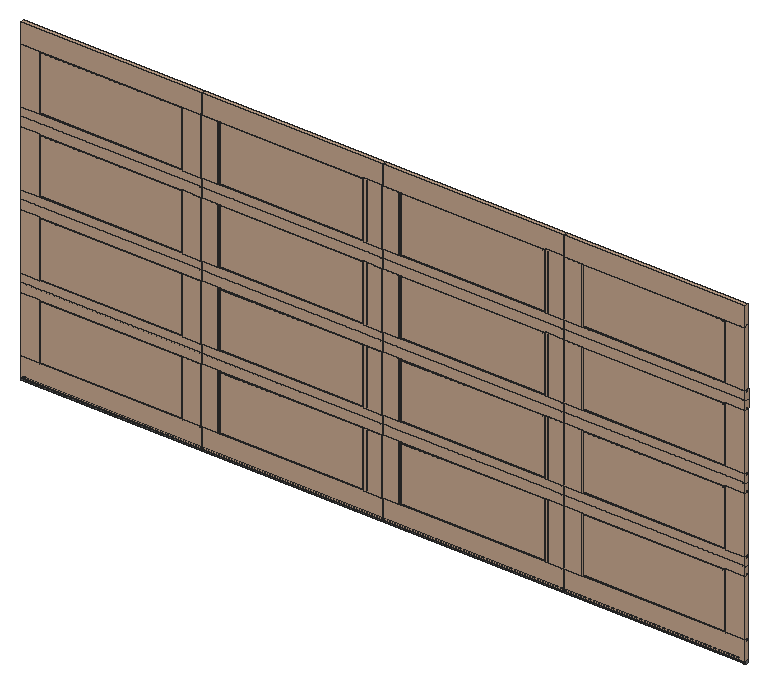
Revit family "GDBL 4V ARCBRN2", category Doors, host Wall, Revit 2024 (continued)
Forms (mm)
  Extrusion 93, solid, material "C88 BOARD"
    sketch origin (-4447.218, -109, -739.048) x (1, 0, 0) y (0, 0, 1)
      loop
        line (4307.396, 2352.631) -> (4392.218, 2352.631) -> (4392.218, 2408.465) -> (4307.396, 2408.465)
      loop
        circle (4182.376, 2380.548) r 4.143
      loop
        circle (4035.037, 2380.548) r 4
      loop
        circle (4329.716, 2380.548) r 4
    from 0 to 6
  Extrusion 94, void
    sketch origin (-4439.246, -109, -818.884) x (0, 1, 0) y (0, 0, 1)
      loop
        line (0, 2471.8) -> (0, 2474.8) -> (-1.5, 2473.3) -> (0, 2471.8)
      loop
        line (0, 2448.967) -> (-1.5, 2447.467) -> (0, 2445.967) -> (0, 2448.967)
    from 4354.246 to 4384.246
  Extrusion 95, void
    sketch origin (-6042.077, -109, 1191.961) x (1, 0, 0) y (0, 1, 0)
      loop
        line (5957.077, -1.5) -> (5957.077, 0) -> (5956.211, 0) -> (5957.077, -1.5)
    from 421.622 to 477.455
  Extrusion 96, solid, material "STEEL POWEDERCOATED"
    sketch origin (-6067.419, -104, 1285.623) x (1, 0, 0) y (0, 0, 1)
      loop
        line (5956.417, 359.63) -> (5949.917, 363.383) -> (5943.417, 359.63) -> (5943.417, 352.124) -> (5949.917, 348.372) -> (5956.417, 352.124) -> (5956.417, 359.63)
    from 0 to 5
  Extrusion 97, solid, material "STEEL POWEDERCOATED"
    sketch origin (-6214.872, -104, 1285.623) x (1, 0, 0) y (0, 0, 1)
      loop
        line (5956.417, 359.63) -> (5949.917, 363.383) -> (5943.417, 359.63) -> (5943.417, 352.124) -> (5949.917, 348.372) -> (5956.417, 352.124) -> (5956.417, 359.63)
    from 0 to 5
  Extrusion 98, solid, material "STEEL POWEDERCOATED"
    sketch origin (-6362.098, -104, 1285.623) x (1, 0, 0) y (0, 0, 1)
      loop
        line (5956.417, 359.63) -> (5949.917, 363.383) -> (5943.417, 359.63) -> (5943.417, 352.124) -> (5949.917, 348.372) -> (5956.417, 352.124) -> (5956.417, 359.63)
    from 0 to 5
  Extrusion 99, void
    sketch origin (1229.5, -40, 20) x (1, 0, 0) y (0, 1, 0)
      loop
        line (1008.9, -80) -> (1011.9, -77) -> (1005.9, -77) -> (1008.9, -80)
    from 1661 to 1695.584
  Extrusion 100, solid, material "VERSAWOOD (TEST 3 )"
    sketch origin (-2470, -40, 1035.5) x (1, 0, 0) y (0, 1, 0)
      loop
        line (115, -80) -> (115, -100) -> (138, -100) -> (138, -103) -> (1102, -103) -> (1102, -100) -> (1125, -100) -> (1125, -80) -> (1102, -80) -> (1102, -77) -> (138, -77) -> (138, -80) -> (115, -80)
      loop
        line (4825, -80) -> (4802, -80) -> (4802, -77) -> (3838, -77) -> (3838, -80) -> (3815, -80) -> (3815, -100) -> (3838, -100) -> (3838, -103) -> (4802, -103) -> (4802, -100) -> (4825, -100) -> (4825, -80)
      loop
        line (3595, -80) -> (3572, -80) -> (3572, -77) -> (2603, -77) -> (2603, -80) -> (2580, -80) -> (2580, -100) -> (2603, -100) -> (2603, -103) -> (3572, -103) -> (3572, -100) -> (3595, -100) -> (3595, -80)
      loop
        line (2360, -80) -> (2337, -80) -> (2337, -77) -> (1368, -77) -> (1368, -80) -> (1345, -80) -> (1345, -100) -> (1368, -100) -> (1368, -103) -> (2337, -103) -> (2337, -100) -> (2360, -100) -> (2360, -80)
    from 130.5 to 517
  Extrusion 101, solid, material "VERSAWOOD (TEST 2)"
    sketch origin (-2470, -40, 528) x (1, 0, 0) y (0, 1, 0)
      loop
        line (115, -80) -> (115, -100) -> (138, -100) -> (138, -103) -> (1102, -103) -> (1102, -100) -> (1125, -100) -> (1125, -80) -> (1102, -80) -> (1102, -77) -> (138, -77) -> (138, -80) -> (115, -80)
      loop
        line (4825, -80) -> (4802, -80) -> (4802, -77) -> (3838, -77) -> (3838, -80) -> (3815, -80) -> (3815, -100) -> (3838, -100) -> (3838, -103) -> (4802, -103) -> (4802, -100) -> (4825, -100) -> (4825, -80)
      loop
        line (3595, -80) -> (3572, -80) -> (3572, -77) -> (2603, -77) -> (2603, -80) -> (2580, -80) -> (2580, -100) -> (2603, -100) -> (2603, -103) -> (3572, -103) -> (3572, -100) -> (3595, -100) -> (3595, -80)
      loop
        line (2360, -80) -> (2337, -80) -> (2337, -77) -> (1368, -77) -> (1368, -80) -> (1345, -80) -> (1345, -100) -> (1368, -100) -> (1368, -103) -> (2337, -103) -> (2337, -100) -> (2360, -100) -> (2360, -80)
    from 130.5 to 517
  Extrusion 102, solid, material "VERSAWOOD (TEST 3 )"
    sketch origin (-2470, -40, 20) x (1, 0, 0) y (0, 1, 0)
      loop
        line (115, -80) -> (115, -100) -> (138, -100) -> (138, -103) -> (1102, -103) -> (1102, -100) -> (1125, -100) -> (1125, -80) -> (1102, -80) -> (1102, -77) -> (138, -77) -> (138, -80) -> (115, -80)
      loop
        line (4825, -80) -> (4802, -80) -> (4802, -77) -> (3838, -77) -> (3838, -80) -> (3815, -80) -> (3815, -100) -> (3838, -100) -> (3838, -103) -> (4802, -103) -> (4802, -100) -> (4825, -100) -> (4825, -80)
      loop
        line (3595, -80) -> (3572, -80) -> (3572, -77) -> (2603, -77) -> (2603, -80) -> (2580, -80) -> (2580, -100) -> (2603, -100) -> (2603, -103) -> (3572, -103) -> (3572, -100) -> (3595, -100) -> (3595, -80)
      loop
        line (2360, -80) -> (2337, -80) -> (2337, -77) -> (1368, -77) -> (1368, -80) -> (1345, -80) -> (1345, -100) -> (1368, -100) -> (1368, -103) -> (2337, -103) -> (2337, -100) -> (2360, -100) -> (2360, -80)
    from 130.5 to 517
  Extrusion 103, void
    sketch origin (-2470, -40, -487.5) x (1, 0, 0) y (0, 1, 0)
      loop
        line (232.1, -80) -> (235.1, -77) -> (229.1, -77) -> (232.1, -80)
      loop
        line (329.2, -80) -> (332.2, -77) -> (326.2, -77) -> (329.2, -80)
      loop
        line (426.3, -80) -> (429.3, -77) -> (423.3, -77) -> (426.3, -80)
      loop
        line (523.4, -80) -> (526.4, -77) -> (520.4, -77) -> (523.4, -80)
      loop
        line (620.5, -80) -> (623.5, -77) -> (617.5, -77) -> (620.5, -80)
      loop
        line (717.6, -80) -> (720.6, -77) -> (714.6, -77) -> (717.6, -80)
      loop
        line (814.7, -80) -> (817.7, -77) -> (811.7, -77) -> (814.7, -80)
      loop
        line (911.8, -80) -> (914.8, -77) -> (908.8, -77) -> (911.8, -80)
      loop
        line (1008.9, -80) -> (1011.9, -77) -> (1005.9, -77) -> (1008.9, -80)
    from 1661 to 2032
  Extrusion 104, void
    sketch origin (-1238, -40, -487.5) x (1, 0, 0) y (0, 1, 0)
      loop
        line (232.1, -80) -> (235.1, -77) -> (229.1, -77) -> (232.1, -80)
      loop
        line (329.2, -80) -> (332.2, -77) -> (326.2, -77) -> (329.2, -80)
      loop
        line (426.3, -80) -> (429.3, -77) -> (423.3, -77) -> (426.3, -80)
      loop
        line (523.4, -80) -> (526.4, -77) -> (520.4, -77) -> (523.4, -80)
      loop
        line (620.5, -80) -> (623.5, -77) -> (617.5, -77) -> (620.5, -80)
      loop
        line (717.6, -80) -> (720.6, -77) -> (714.6, -77) -> (717.6, -80)
      loop
        line (814.7, -80) -> (817.7, -77) -> (811.7, -77) -> (814.7, -80)
      loop
        line (911.8, -80) -> (914.8, -77) -> (908.8, -77) -> (911.8, -80)
      loop
        line (1008.9, -80) -> (1011.9, -77) -> (1005.9, -77) -> (1008.9, -80)
    from 1661 to 2032
  Extrusion 105, void
    sketch origin (-3, -40, -487.5) x (1, 0, 0) y (0, 1, 0)
      loop
        line (232.1, -80) -> (235.1, -77) -> (229.1, -77) -> (232.1, -80)
      loop
        line (329.2, -80) -> (332.2, -77) -> (326.2, -77) -> (329.2, -80)
      loop
        line (426.3, -80) -> (429.3, -77) -> (423.3, -77) -> (426.3, -80)
      loop
        line (523.4, -80) -> (526.4, -77) -> (520.4, -77) -> (523.4, -80)
      loop
        line (620.5, -80) -> (623.5, -77) -> (617.5, -77) -> (620.5, -80)
      loop
        line (717.6, -80) -> (720.6, -77) -> (714.6, -77) -> (717.6, -80)
      loop
        line (814.7, -80) -> (817.7, -77) -> (811.7, -77) -> (814.7, -80)
      loop
        line (911.8, -80) -> (914.8, -77) -> (908.8, -77) -> (911.8, -80)
      loop
        line (1008.9, -80) -> (1011.9, -77) -> (1005.9, -77) -> (1008.9, -80)
    from 1661 to 2032
  Extrusion 106, void
    sketch origin (1229.5, -40, -487.5) x (1, 0, 0) y (0, 1, 0)
      loop
        line (232.1, -80) -> (235.1, -77) -> (229.1, -77) -> (232.1, -80)
      loop
        line (329.2, -80) -> (332.2, -77) -> (326.2, -77) -> (329.2, -80)
      loop
        line (426.3, -80) -> (429.3, -77) -> (423.3, -77) -> (426.3, -80)
      loop
        line (523.4, -80) -> (526.4, -77) -> (520.4, -77) -> (523.4, -80)
      loop
        line (620.5, -80) -> (623.5, -77) -> (617.5, -77) -> (620.5, -80)
      loop
        line (717.6, -80) -> (720.6, -77) -> (714.6, -77) -> (717.6, -80)
      loop
        line (814.7, -80) -> (817.7, -77) -> (811.7, -77) -> (814.7, -80)
      loop
        line (911.8, -80) -> (914.8, -77) -> (908.8, -77) -> (911.8, -80)
      loop
        line (1008.9, -80) -> (1011.9, -77) -> (1005.9, -77) -> (1008.9, -80)
    from 1661 to 2032
  Extrusion 107, void
    sketch origin (-2470, -40, -995) x (1, 0, 0) y (0, 1, 0)
      loop
        line (232.1, -80) -> (235.1, -77) -> (229.1, -77) -> (232.1, -80)
      loop
        line (329.2, -80) -> (332.2, -77) -> (326.2, -77) -> (329.2, -80)
      loop
        line (426.3, -80) -> (429.3, -77) -> (423.3, -77) -> (426.3, -80)
      loop
        line (523.4, -80) -> (526.4, -77) -> (520.4, -77) -> (523.4, -80)
      loop
        line (620.5, -80) -> (623.5, -77) -> (617.5, -77) -> (620.5, -80)
      loop
        line (717.6, -80) -> (720.6, -77) -> (714.6, -77) -> (717.6, -80)
      loop
        line (814.7, -80) -> (817.7, -77) -> (811.7, -77) -> (814.7, -80)
      loop
        line (911.8, -80) -> (914.8, -77) -> (908.8, -77) -> (911.8, -80)
      loop
        line (1008.9, -80) -> (1011.9, -77) -> (1005.9, -77) -> (1008.9, -80)
    from 1661 to 2032
  Extrusion 108, void
    sketch origin (-1238, -40, -995) x (1, 0, 0) y (0, 1, 0)
      loop
        line (232.1, -80) -> (235.1, -77) -> (229.1, -77) -> (232.1, -80)
      loop
        line (329.2, -80) -> (332.2, -77) -> (326.2, -77) -> (329.2, -80)
      loop
        line (426.3, -80) -> (429.3, -77) -> (423.3, -77) -> (426.3, -80)
      loop
        line (523.4, -80) -> (526.4, -77) -> (520.4, -77) -> (523.4, -80)
      loop
        line (620.5, -80) -> (623.5, -77) -> (617.5, -77) -> (620.5, -80)
      loop
        line (717.6, -80) -> (720.6, -77) -> (714.6, -77) -> (717.6, -80)
      loop
        line (814.7, -80) -> (817.7, -77) -> (811.7, -77) -> (814.7, -80)
      loop
        line (911.8, -80) -> (914.8, -77) -> (908.8, -77) -> (911.8, -80)
      loop
        line (1008.9, -80) -> (1011.9, -77) -> (1005.9, -77) -> (1008.9, -80)
    from 1661 to 2032
  Extrusion 109, void
    sketch origin (-3, -40, -995) x (1, 0, 0) y (0, 1, 0)
      loop
        line (232.1, -80) -> (235.1, -77) -> (229.1, -77) -> (232.1, -80)
      loop
        line (329.2, -80) -> (332.2, -77) -> (326.2, -77) -> (329.2, -80)
      loop
        line (426.3, -80) -> (429.3, -77) -> (423.3, -77) -> (426.3, -80)
      loop
        line (523.4, -80) -> (526.4, -77) -> (520.4, -77) -> (523.4, -80)
      loop
        line (620.5, -80) -> (623.5, -77) -> (617.5, -77) -> (620.5, -80)
      loop
        line (717.6, -80) -> (720.6, -77) -> (714.6, -77) -> (717.6, -80)
      loop
        line (814.7, -80) -> (817.7, -77) -> (811.7, -77) -> (814.7, -80)
      loop
        line (911.8, -80) -> (914.8, -77) -> (908.8, -77) -> (911.8, -80)
      loop
        line (1008.9, -80) -> (1011.9, -77) -> (1005.9, -77) -> (1008.9, -80)
    from 1661 to 2032
  Extrusion 110, void
    sketch origin (1229.5, -40, -995) x (1, 0, 0) y (0, 1, 0)
      loop
        line (232.1, -80) -> (235.1, -77) -> (229.1, -77) -> (232.1, -80)
      loop
        line (329.2, -80) -> (332.2, -77) -> (326.2, -77) -> (329.2, -80)
      loop
        line (426.3, -80) -> (429.3, -77) -> (423.3, -77) -> (426.3, -80)
      loop
        line (523.4, -80) -> (526.4, -77) -> (520.4, -77) -> (523.4, -80)
      loop
        line (620.5, -80) -> (623.5, -77) -> (617.5, -77) -> (620.5, -80)
      loop
        line (717.6, -80) -> (720.6, -77) -> (714.6, -77) -> (717.6, -80)
      loop
        line (814.7, -80) -> (817.7, -77) -> (811.7, -77) -> (814.7, -80)
      loop
        line (911.8, -80) -> (914.8, -77) -> (908.8, -77) -> (911.8, -80)
      loop
        line (1008.9, -80) -> (1011.9, -77) -> (1005.9, -77) -> (1008.9, -80)
    from 1661 to 2032
  Extrusion 111, void
    sketch origin (-2470, -40, -1503) x (1, 0, 0) y (0, 1, 0)
      loop
        line (232.1, -80) -> (235.1, -77) -> (229.1, -77) -> (232.1, -80)
      loop
        line (329.2, -80) -> (332.2, -77) -> (326.2, -77) -> (329.2, -80)
      loop
        line (426.3, -80) -> (429.3, -77) -> (423.3, -77) -> (426.3, -80)
      loop
        line (523.4, -80) -> (526.4, -77) -> (520.4, -77) -> (523.4, -80)
      loop
        line (620.5, -80) -> (623.5, -77) -> (617.5, -77) -> (620.5, -80)
      loop
        line (717.6, -80) -> (720.6, -77) -> (714.6, -77) -> (717.6, -80)
      loop
        line (814.7, -80) -> (817.7, -77) -> (811.7, -77) -> (814.7, -80)
      loop
        line (911.8, -80) -> (914.8, -77) -> (908.8, -77) -> (911.8, -80)
      loop
        line (1008.9, -80) -> (1011.9, -77) -> (1005.9, -77) -> (1008.9, -80)
    from 1661 to 2032
  Extrusion 112, void
    sketch origin (-1238, -40, -1503) x (1, 0, 0) y (0, 1, 0)
      loop
        line (232.1, -80) -> (235.1, -77) -> (229.1, -77) -> (232.1, -80)
      loop
        line (329.2, -80) -> (332.2, -77) -> (326.2, -77) -> (329.2, -80)
      loop
        line (426.3, -80) -> (429.3, -77) -> (423.3, -77) -> (426.3, -80)
      loop
        line (523.4, -80) -> (526.4, -77) -> (520.4, -77) -> (523.4, -80)
      loop
        line (620.5, -80) -> (623.5, -77) -> (617.5, -77) -> (620.5, -80)
      loop
        line (717.6, -80) -> (720.6, -77) -> (714.6, -77) -> (717.6, -80)
      loop
        line (814.7, -80) -> (817.7, -77) -> (811.7, -77) -> (814.7, -80)
      loop
        line (911.8, -80) -> (914.8, -77) -> (908.8, -77) -> (911.8, -80)
      loop
        line (1008.9, -80) -> (1011.9, -77) -> (1005.9, -77) -> (1008.9, -80)
    from 1661 to 2032
  Extrusion 113, void
    sketch origin (-3, -40, -1503) x (1, 0, 0) y (0, 1, 0)
      loop
        line (232.1, -80) -> (235.1, -77) -> (229.1, -77) -> (232.1, -80)
      loop
        line (329.2, -80) -> (332.2, -77) -> (326.2, -77) -> (329.2, -80)
      loop
        line (426.3, -80) -> (429.3, -77) -> (423.3, -77) -> (426.3, -80)
      loop
        line (523.4, -80) -> (526.4, -77) -> (520.4, -77) -> (523.4, -80)
      loop
        line (620.5, -80) -> (623.5, -77) -> (617.5, -77) -> (620.5, -80)
      loop
        line (717.6, -80) -> (720.6, -77) -> (714.6, -77) -> (717.6, -80)
      loop
        line (814.7, -80) -> (817.7, -77) -> (811.7, -77) -> (814.7, -80)
      loop
        line (911.8, -80) -> (914.8, -77) -> (908.8, -77) -> (911.8, -80)
      loop
        line (1008.9, -80) -> (1011.9, -77) -> (1005.9, -77) -> (1008.9, -80)
    from 1661 to 2032
  Extrusion 114, void
    sketch origin (1229.5, -40, -1503) x (1, 0, 0) y (0, 1, 0)
      loop
        line (232.1, -80) -> (235.1, -77) -> (229.1, -77) -> (232.1, -80)
      loop
        line (329.2, -80) -> (332.2, -77) -> (326.2, -77) -> (329.2, -80)
      loop
        line (426.3, -80) -> (429.3, -77) -> (423.3, -77) -> (426.3, -80)
      loop
        line (523.4, -80) -> (526.4, -77) -> (520.4, -77) -> (523.4, -80)
      loop
        line (620.5, -80) -> (623.5, -77) -> (617.5, -77) -> (620.5, -80)
      loop
        line (717.6, -80) -> (720.6, -77) -> (714.6, -77) -> (717.6, -80)
      loop
        line (814.7, -80) -> (817.7, -77) -> (811.7, -77) -> (814.7, -80)
      loop
        line (911.8, -80) -> (914.8, -77) -> (908.8, -77) -> (911.8, -80)
      loop
        line (1008.9, -80) -> (1011.9, -77) -> (1005.9, -77) -> (1008.9, -80)
    from 1661 to 2032
  Extrusion 115, void
    sketch origin (-2470, -40, 1035.5) x (0, 1, 0) y (0, 0, 1)
      loop
        line (-80, 517) -> (-80, 509) -> (-77, 509) -> (-77, 517) -> (-80, 517)
      loop
        line (-103, 517) -> (-103, 509) -> (-100, 509) -> (-100, 517) -> (-103, 517)
      loop
        line (-80, 138) -> (-80, 130) -> (-77, 130) -> (-77, 138) -> (-80, 138)
      loop
        line (-103, 138) -> (-103, 130) -> (-100, 130) -> (-100, 138) -> (-103, 138)
    from 130 to 1110
  Extrusion 116, void
    sketch origin (-1240, -40, 1035.5) x (0, 1, 0) y (0, 0, 1)
      loop
        line (-80, 517) -> (-80, 509) -> (-77, 509) -> (-77, 517) -> (-80, 517)
      loop
        line (-103, 517) -> (-103, 509) -> (-100, 509) -> (-100, 517) -> (-103, 517)
      loop
        line (-80, 138) -> (-80, 130) -> (-77, 130) -> (-77, 138) -> (-80, 138)
      loop
        line (-103, 138) -> (-103, 130) -> (-100, 130) -> (-100, 138) -> (-103, 138)
    from 130 to 1110
  Extrusion 117, void
    sketch origin (-2470, -40, 20) x (1, 0, 0) y (0, 0, 1)
      loop
        line (3838, 2022) -> (3838, 2014)
        arc (3838, 2014) -> (4332.267, 1958.596) -> (4802, 1795.134) r 2232.413
        line (4802, 1795.134) -> (4802, 1804)
        arc (4802, 1804) -> (4332.171, 1966.82) -> (3838, 2022) r 2240.413
      loop
        arc (4791.413, 1661) -> (4328.148, 1831.208) -> (3838, 1889) r 2107.413
        line (3838, 1889) -> (3838, 1881)
        arc (3838, 1881) -> (4318.557, 1825.26) -> (4773.597, 1661) r 2099.413
        line (4773.597, 1661) -> (4791.413, 1661)
    from 77 to 80
  Extrusion 118, void
    sketch origin (1132.4, -40, 20) x (1, 0, 0) y (0, 1, 0)
      loop
        line (1008.9, -80) -> (1011.9, -77) -> (1005.9, -77) -> (1008.9, -80)
    from 1661 to 1737.13
  Extrusion 119, void
    sketch origin (1035.3, -40, 20) x (1, 0, 0) y (0, 1, 0)
      loop
        line (1008.9, -80) -> (1011.9, -77) -> (1005.9, -77) -> (1008.9, -80)
    from 1661 to 1775
  Extrusion 120, void
    sketch origin (938.2, -40, 20) x (1, 0, 0) y (0, 1, 0)
      loop
        line (1008.9, -80) -> (1011.9, -77) -> (1005.9, -77) -> (1008.9, -80)
    from 1661 to 1803.37
  Extrusion 121, void
    sketch origin (841.1, -40, 20) x (1, 0, 0) y (0, 1, 0)
      loop
        line (1008.9, -80) -> (1011.9, -77) -> (1005.9, -77) -> (1008.9, -80)
    from 1661 to 1830.441
  Extrusion 122, void
    sketch origin (744, -40, 20) x (1, 0, 0) y (0, 1, 0)
      loop
        line (1008.9, -80) -> (1011.9, -77) -> (1005.9, -77) -> (1008.9, -80)
    from 1661 to 1848.75
  Extrusion 123, void
    sketch origin (646.9, -40, 20) x (1, 0, 0) y (0, 1, 0)
      loop
        line (1008.9, -80) -> (1011.9, -77) -> (1005.9, -77) -> (1008.9, -80)
    from 1661 to 1865.972
  Extrusion 124, void
    sketch origin (549.8, -40, 20) x (1, 0, 0) y (0, 1, 0)
      loop
        line (1008.9, -80) -> (1011.9, -77) -> (1005.9, -77) -> (1008.9, -80)
    from 1661 to 1878.101
  Extrusion 125, void
    sketch origin (452.7, -40, 20) x (1, 0, 0) y (0, 1, 0)
      loop
        line (1008.9, -80) -> (1011.9, -77) -> (1005.9, -77) -> (1008.9, -80)
    from 1661 to 1884.527
  Extrusion 126, void
    sketch origin (4940, -40, 20) x (-1, 0, 0) y (0, 0, -1)
      loop
        arc (3838, -2022) -> (4334.874, -1966.208) -> (4807, -1801.609) r 2240.413
        line (4807, -1801.609) -> (4807, -1792.733)
        arc (4807, -1792.733) -> (4334.971, -1957.98) -> (3838, -2014) r 2232.413
        line (3838, -2014) -> (3838, -2022)
      loop
        line (4791.413, -1661) -> (4773.597, -1661)
        arc (4773.597, -1661) -> (4318.557, -1825.26) -> (3838, -1881) r 2099.413
        line (3838, -1881) -> (3838, -1889)
        arc (3838, -1889) -> (4328.148, -1831.208) -> (4791.413, -1661) r 2107.413
    from 77 to 80
  Extrusion 127, void
    sketch origin (2470, -40, 20) x (-1, 0, 0) y (0, 0, -1)
      loop
        arc (3838, -2022) -> (4332.171, -1966.82) -> (4802, -1804) r 2240.413
        line (4802, -1804) -> (4802, -1795.134)
        arc (4802, -1795.134) -> (4332.267, -1958.596) -> (3838, -2014) r 2232.413
        line (3838, -2014) -> (3838, -2022)
      loop
        line (4791.413, -1661) -> (4773.597, -1661)
        arc (4773.597, -1661) -> (4318.557, -1825.26) -> (3838, -1881) r 2099.413
        line (3838, -1881) -> (3838, -1889)
        arc (3838, -1889) -> (4328.148, -1831.208) -> (4791.413, -1661) r 2107.413
    from 77 to 80
  Extrusion 128, void
    sketch origin (-4940, -40, 20) x (1, 0, 0) y (0, 0, 1)
      loop
        line (3838, 2022) -> (3838, 2014)
        arc (3838, 2014) -> (4334.971, 1957.98) -> (4807, 1792.733) r 2232.413
        line (4807, 1792.733) -> (4807, 1801.609)
        arc (4807, 1801.609) -> (4334.874, 1966.208) -> (3838, 2022) r 2240.413
      loop
        arc (4791.413, 1661) -> (4328.148, 1831.208) -> (3838, 1889) r 2107.413
        line (3838, 1889) -> (3838, 1881)
        arc (3838, 1881) -> (4318.557, 1825.26) -> (4773.597, 1661) r 2099.413
        line (4773.597, 1661) -> (4791.413, 1661)
    from 77 to 80
  Extrusion 129, void
    sketch origin (1240.5, -40, 20) x (-1, 0, 0) y (0, -1, 0)
      loop
        line (1008.9, 80) -> (1005.9, 77) -> (1011.9, 77) -> (1008.9, 80)
    from 1661 to 1695.584
  Extrusion 130, void
    sketch origin (1337.6, -40, 20) x (-1, 0, 0) y (0, -1, 0)
      loop
        line (1008.9, 80) -> (1005.9, 77) -> (1011.9, 77) -> (1008.9, 80)
    from 1661 to 1737.13
  Extrusion 131, void
    sketch origin (1434.7, -40, 20) x (-1, 0, 0) y (0, -1, 0)
      loop
        line (1008.9, 80) -> (1005.9, 77) -> (1011.9, 77) -> (1008.9, 80)
    from 1661 to 1775
  Extrusion 132, void
    sketch origin (1531.8, -40, 20) x (-1, 0, 0) y (0, -1, 0)
      loop
        line (1008.9, 80) -> (1005.9, 77) -> (1011.9, 77) -> (1008.9, 80)
    from 1661 to 1803.37
  Extrusion 133, void
    sketch origin (1628.9, -40, 20) x (-1, 0, 0) y (0, -1, 0)
      loop
        line (1008.9, 80) -> (1005.9, 77) -> (1011.9, 77) -> (1008.9, 80)
    from 1661 to 1830.441
  Extrusion 134, void
    sketch origin (1726, -40, 20) x (-1, 0, 0) y (0, -1, 0)
      loop
        line (1008.9, 80) -> (1005.9, 77) -> (1011.9, 77) -> (1008.9, 80)
    from 1661 to 1848.75
  Extrusion 135, void
    sketch origin (1823.1, -40, 20) x (-1, 0, 0) y (0, -1, 0)
      loop
        line (1008.9, 80) -> (1005.9, 77) -> (1011.9, 77) -> (1008.9, 80)
    from 1661 to 1865.972
  Extrusion 136, void
    sketch origin (1920.2, -40, 20) x (-1, 0, 0) y (0, -1, 0)
      loop
        line (1008.9, 80) -> (1005.9, 77) -> (1011.9, 77) -> (1008.9, 80)
    from 1661 to 1878.101
  Extrusion 137, void
    sketch origin (2017.3, -40, 20) x (-1, 0, 0) y (0, -1, 0)
      loop
        line (1008.9, 80) -> (1005.9, 77) -> (1011.9, 77) -> (1008.9, 80)
    from 1661 to 1884.527
  Extrusion 138, void
    sketch origin (-1229.5, -40, 20) x (-1, 0, 0) y (0, -1, 0)
      loop
        line (1008.9, 80) -> (1005.9, 77) -> (1011.9, 77) -> (1008.9, 80)
    from 1661 to 1695.584
  Extrusion 139, void
    sketch origin (-1132.4, -40, 20) x (-1, 0, 0) y (0, -1, 0)
      loop
        line (1008.9, 80) -> (1005.9, 77) -> (1011.9, 77) -> (1008.9, 80)
    from 1661 to 1737.13
  Extrusion 140, void
    sketch origin (-1035.3, -40, 20) x (-1, 0, 0) y (0, -1, 0)
      loop
        line (1008.9, 80) -> (1005.9, 77) -> (1011.9, 77) -> (1008.9, 80)
    from 1661 to 1775
  Extrusion 141, void
    sketch origin (-938.2, -40, 20) x (-1, 0, 0) y (0, -1, 0)
      loop
        line (1008.9, 80) -> (1005.9, 77) -> (1011.9, 77) -> (1008.9, 80)
    from 1661 to 1803.37
  Extrusion 142, void
    sketch origin (-841.1, -40, 20) x (-1, 0, 0) y (0, -1, 0)
      loop
        line (1008.9, 80) -> (1005.9, 77) -> (1011.9, 77) -> (1008.9, 80)
    from 1661 to 1830.441
  Extrusion 143, void
    sketch origin (-744, -40, 20) x (-1, 0, 0) y (0, -1, 0)
      loop
        line (1008.9, 80) -> (1005.9, 77) -> (1011.9, 77) -> (1008.9, 80)
    from 1661 to 1848.75
  Extrusion 144, void
    sketch origin (-646.9, -40, 20) x (-1, 0, 0) y (0, -1, 0)
      loop
        line (1008.9, 80) -> (1005.9, 77) -> (1011.9, 77) -> (1008.9, 80)
    from 1661 to 1865.972
  Extrusion 145, void
    sketch origin (-549.8, -40, 20) x (-1, 0, 0) y (0, -1, 0)
      loop
        line (1008.9, 80) -> (1005.9, 77) -> (1011.9, 77) -> (1008.9, 80)
    from 1661 to 1878.101
  Extrusion 146, void
    sketch origin (-452.7, -40, 20) x (-1, 0, 0) y (0, -1, 0)
      loop
        line (1008.9, 80) -> (1005.9, 77) -> (1011.9, 77) -> (1008.9, 80)
    from 1661 to 1884.527
  Extrusion 147, void
    sketch origin (-1240.5, -40, 20) x (1, 0, 0) y (0, 1, 0)
      loop
        line (1008.9, -80) -> (1011.9, -77) -> (1005.9, -77) -> (1008.9, -80)
    from 1661 to 1695.584
  Extrusion 148, void
    sketch origin (-1337.6, -40, 20) x (1, 0, 0) y (0, 1, 0)
      loop
        line (1008.9, -80) -> (1011.9, -77) -> (1005.9, -77) -> (1008.9, -80)
    from 1661 to 1737.13
  Extrusion 149, void
    sketch origin (-1434.7, -40, 20) x (1, 0, 0) y (0, 1, 0)
      loop
        line (1008.9, -80) -> (1011.9, -77) -> (1005.9, -77) -> (1008.9, -80)
    from 1661 to 1775
  Extrusion 150, void
    sketch origin (-1531.8, -40, 20) x (1, 0, 0) y (0, 1, 0)
      loop
        line (1008.9, -80) -> (1011.9, -77) -> (1005.9, -77) -> (1008.9, -80)
    from 1661 to 1803.37
  Extrusion 151, void
    sketch origin (-1628.9, -40, 20) x (1, 0, 0) y (0, 1, 0)
      loop
        line (1008.9, -80) -> (1011.9, -77) -> (1005.9, -77) -> (1008.9, -80)
    from 1661 to 1830.441
  Extrusion 152, void
    sketch origin (-1726, -40, 20) x (1, 0, 0) y (0, 1, 0)
      loop
        line (1008.9, -80) -> (1011.9, -77) -> (1005.9, -77) -> (1008.9, -80)
    from 1661 to 1848.75
  Extrusion 153, void
    sketch origin (-1823.1, -40, 20) x (1, 0, 0) y (0, 1, 0)
      loop
        line (1008.9, -80) -> (1011.9, -77) -> (1005.9, -77) -> (1008.9, -80)
    from 1661 to 1865.972
  Extrusion 154, void
    sketch origin (-1920.2, -40, 20) x (1, 0, 0) y (0, 1, 0)
      loop
        line (1008.9, -80) -> (1011.9, -77) -> (1005.9, -77) -> (1008.9, -80)
    from 1661 to 1878.101
  Extrusion 155, void
    sketch origin (-2017.3, -40, 20) x (1, 0, 0) y (0, 1, 0)
      loop
        line (1008.9, -80) -> (1011.9, -77) -> (1005.9, -77) -> (1008.9, -80)
    from 1661 to 1884.527
  Extrusion 156, void
    sketch origin (-1230, -40, 1543) x (0, 1, 0) y (0, 0, -1)
      loop
        line (-80, -517) -> (-77, -517) -> (-77, -509) -> (-80, -509) -> (-80, -517)
      loop
        line (-103, -517) -> (-100, -517) -> (-100, -509) -> (-103, -509) -> (-103, -517)
      loop
        line (-80, -138) -> (-77, -138) -> (-77, -130) -> (-80, -130) -> (-80, -138)
      loop
        line (-103, -138) -> (-100, -138) -> (-100, -130) -> (-103, -130) -> (-103, -138)
    from 130 to 1110
  Extrusion 157, void
    sketch origin (5, -40, 1543) x (0, 1, 0) y (0, 0, -1)
      loop
        line (-80, -517) -> (-77, -517) -> (-77, -509) -> (-80, -509) -> (-80, -517)
      loop
        line (-103, -517) -> (-100, -517) -> (-100, -509) -> (-103, -509) -> (-103, -517)
      loop
        line (-80, -138) -> (-77, -138) -> (-77, -130) -> (-80, -130) -> (-80, -138)
      loop
        line (-103, -138) -> (-100, -138) -> (-100, -130) -> (-103, -130) -> (-103, -138)
    from 130 to 1115
  Extrusion 158, void
    sketch origin (1298.5, -115, 121.13) x (-1, 0, 0) y (0, 0, 1)
      loop
        circle (0, 942.37) r 4
      loop
        circle (0, 905.37) r 4
    from 0 to 5
  Extrusion 159, solid, material "Rubber"
    sketch origin (0, -29, 0.091) x (0, 1, 0) y (0, 0, 1)
      loop
        line (-111, 19.909) -> (-111, 16.909) -> (-106, 16.909) -> (-106, 14.004)
        spline (-106, 14.004) -> (-109.192, 11.809) -> (-110.848, 8.808) -> (-110.659, 5.562) -> (-108.66, 2.681) -> (-105.226, 0.703) -> (-101, 0) -> (-96.774, 0.703) -> (-93.34, 2.681) -> (-91.341, 5.562) -> (-91.152, 8.808) -> (-92.808, 11.809) -> (-96, 14.004)
        line (-96, 14.004) -> (-96, 16.909) -> (-91, 16.909) -> (-91, 19.909) -> (-111, 19.909)
      loop
        line (-98, 16.909) -> (-104, 16.909) -> (-104, 14.633)
        arc (-104, 14.633) -> (-101, 15.009) -> (-98, 14.633) r 12.129
        line (-98, 14.633) -> (-98, 16.909)
      loop
        spline (-101, 1.513) -> (-98.929, 1.717) -> (-97, 2.316) -> (-95.343, 3.268) -> (-94.072, 4.509) -> (-93.273, 5.954) -> (-93, 7.505) -> (-93.273, 9.055) -> (-94.072, 10.501) -> (-95.343, 11.742) -> (-97, 12.694) -> (-98.929, 13.292) -> (-101, 13.496)
        spline (-101, 13.496) -> (-103.071, 13.292) -> (-105, 12.694) -> (-106.657, 11.742) -> (-107.928, 10.501) -> (-108.727, 9.055) -> (-109, 7.505) -> (-108.727, 5.954) -> (-107.928, 4.509) -> (-106.657, 3.268) -> (-105, 2.316) -> (-103.071, 1.717) -> (-101, 1.513)
    from -2470 to 2470
Cuts and joins
  Extrusion 25 cuts Extrusion 1
  Extrusion 25 cuts Extrusion 17
  Extrusion 25 cuts Extrusion 21
  Extrusion 25, Extrusion 26, Extrusion 27, Extrusion 28, Extrusion 111, Extrusion 112, Extrusion 113, Extrusion 114 cuts Extrusion 102
  Extrusion 26 cuts Extrusion 18
  Extrusion 26 cuts Extrusion 22
  Extrusion 27 cuts Extrusion 19
  Extrusion 27 cuts Extrusion 24
  Extrusion 28 cuts Extrusion 20
  Extrusion 28 cuts Extrusion 23
  Extrusion 30 cuts Extrusion 15
  Extrusion 30 cuts Extrusion 16
  Extrusion 30, Extrusion 33, Extrusion 34, Extrusion 35, Extrusion 107, Extrusion 108, Extrusion 109, Extrusion 110 cuts Extrusion 101
  Extrusion 31 cuts Extrusion 10
  Extrusion 31 cuts Extrusion 11
  Extrusion 31, Extrusion 36, Extrusion 103, Extrusion 104, Extrusion 105, Extrusion 106, Extrusion 115, Extrusion 116 cuts Extrusion 100
  Extrusion 32 cuts Extrusion 3
  Extrusion 32 cuts Extrusion 9
  Extrusion 32, Extrusion 39, Extrusion 99, Extrusion 117, Extrusion 118, Extrusion 119, Extrusion 120, Extrusion 121, Extrusion 122, Extrusion 123, Extrusion 124, Extrusion 125, Extrusion 126, Extrusion 127, Extrusion 128, Extrusion 129, Extrusion 130, Extrusion 131, Extrusion 132, Extrusion 133, Extrusion 134, Extrusion 135, Extrusion 136, Extrusion 137, Extrusion 138, Extrusion 139, Extrusion 140, Extrusion 141, Extrusion 142, Extrusion 143, Extrusion 144, Extrusion 145, Extrusion 146, Extrusion 147, Extrusion 148, Extrusion 149, Extrusion 150, Extrusion 151, Extrusion 152, Extrusion 153, Extrusion 154, Extrusion 155, Extrusion 156, Extrusion 157 cuts Extrusion 29
  Extrusion 33 cuts Extrusion 12
  Extrusion 34 cuts Extrusion 13
  Extrusion 35 cuts Extrusion 14
  Extrusion 36 cuts Extrusion 8
  Extrusion 37 cuts Extrusion 2
  Extrusion 37 cuts Extrusion 4
  Extrusion 38 cuts Extrusion 5
  Extrusion 38 cuts Extrusion 6
  Extrusion 39 cuts Extrusion 7
  Extrusion 43 cuts Extrusion 42
  Extrusion 46 cuts Extrusion 45
  Extrusion 49 cuts Extrusion 48
  Extrusion 52, Extrusion 53 cuts Extrusion 51
  Extrusion 58, Extrusion 59 cuts Extrusion 57
  Extrusion 64, Extrusion 65 cuts Extrusion 63
  Extrusion 70, Extrusion 71 cuts Extrusion 69
  Extrusion 76, Extrusion 77 cuts Extrusion 75
  Extrusion 82, Extrusion 83 cuts Extrusion 81
  Extrusion 88, Extrusion 89 cuts Extrusion 87
  Extrusion 94, Extrusion 95 cuts Extrusion 93
  Extrusion 158 cuts Extrusion 40
Lines and regions (mm)
  Opening 1
    outline origin (-5000, 75, 0) x (-1, 0, 0) y (0, 0, 1)
      loop
        line (-2560, 0) -> (-2560, 2135) -> (-7440, 2135) -> (-7440, 0) -> (-2560, 0)
  symbolic lines, style "Elevation Swing"
    curve 1: line (-2470, -105, 1694) -> (-2470, -2275, 1694)
    curve 2: line (-2470, -2275, 1694) -> (2470, -2275, 1694)
    curve 3: line (2470, -2275, 1694) -> (2470, -105, 1694)
Text (mm)
  text "Exterior" at (-2295.016, 1099.543, 0), in view "Ref. Level"
  text "Exterior" at (0, 1615.38, 3698.081), in view "Left"
  text "Exterior" at (0, 1036.032, 3874.932), in view "Right"
Dimensions and locks
  host wall to plane 3 = 2135 mm
  locked: plane 4 "Exterior" to host wall at 0
  locked: plane 5 "Interior" to host wall
  plane 8 "Garage Right" to plane 7 "Garage Left" = 4940 mm  (x2)
  plane 3 to level = 2135 mm
  host wall to host wall = 4880 mm
  plane 9 to plane 10 "Garage Top" = 2170.046 mm
  level to plane 9 = 19.954 mm
  aligned and locked: host wall to plane 1
Nested families
  nested 1: "Van Acht Bolt" at (2238.622, -109, 1789.491) x (-1, 0, 0) z (0, 0, 1), type "Van Acht Bolt"
  nested 2: "Van Acht Bolt" at (1850.222, -109, 1916.744) x (-1, 0, 0) z (0, 0, 1), type "Van Acht Bolt"
  nested 3: "Van Acht Bolt" at (1461.822, -109, 1968.681) x (-1, 0, 0) z (0, 0, 1), type "Van Acht Bolt"
  nested 4: "Van Acht Bolt" at (619.778, -109, 1916.744) x (-1, 0, 0) z (0, 0, 1), type "Van Acht Bolt"
  nested 5: "Van Acht Bolt" at (1008.178, -109, 1968.681) x (-1, 0, 0) z (0, 0, 1), type "Van Acht Bolt"
  nested 6: "Van Acht Bolt" at (231.378, -109, 1789.491) x (-1, 0, 0) z (0, 0, 1), type "Van Acht Bolt"
  nested 7: "Van Acht Bolt" at (2238.622, -109, 84.491) x (-1, 0, 0) z (0, 0, 1), type "Van Acht Bolt"
  nested 8: "Van Acht Bolt" at (1461.822, -109, 84.491) x (-1, 0, 0) z (0, 0, 1), type "Van Acht Bolt"
  nested 9: "Van Acht Bolt" at (1850.222, -109, 84.491) x (-1, 0, 0) z (0, 0, 1), type "Van Acht Bolt"
  nested 10: "Van Acht Bolt" at (1006.122, -109, 84.491) x (-1, 0, 0) z (0, 0, 1), type "Van Acht Bolt"
  nested 11: "Van Acht Bolt" at (229.322, -109, 84.491) x (-1, 0, 0) z (0, 0, 1), type "Van Acht Bolt"
  nested 12: "Van Acht Bolt" at (617.722, -109, 84.491) x (-1, 0, 0) z (0, 0, 1), type "Van Acht Bolt"
  nested 13: "Van Acht Bolt" at (-228.878, -109, 84.491) x (-1, 0, 0) z (0, 0, 1), type "Van Acht Bolt"
  nested 14: "Van Acht Bolt" at (-1005.678, -109, 84.491) x (-1, 0, 0) z (0, 0, 1), type "Van Acht Bolt"
  nested 15: "Van Acht Bolt" at (-617.278, -109, 84.491) x (-1, 0, 0) z (0, 0, 1), type "Van Acht Bolt"
  nested 16: "Van Acht Bolt" at (-1460.878, -109, 84.491) x (-1, 0, 0) z (0, 0, 1), type "Van Acht Bolt"
  nested 17: "Van Acht Bolt" at (-2237.678, -109, 84.491) x (-1, 0, 0) z (0, 0, 1), type "Van Acht Bolt"
  nested 18: "Van Acht Bolt" at (-1849.278, -109, 84.491) x (-1, 0, 0) z (0, 0, 1), type "Van Acht Bolt"
  nested 19: "Van Acht Bolt" at (-231.378, -109, 1789.491) x (-1, 0, 0) z (0, 0, 1), type "Van Acht Bolt"
  nested 20: "Van Acht Bolt" at (-619.778, -109, 1916.744) x (-1, 0, 0) z (0, 0, 1), type "Van Acht Bolt"
  nested 21: "Van Acht Bolt" at (-1008.178, -109, 1968.681) x (-1, 0, 0) z (0, 0, 1), type "Van Acht Bolt"
  nested 22: "Van Acht Bolt" at (-1850.222, -109, 1916.744) x (-1, 0, 0) z (0, 0, 1), type "Van Acht Bolt"
  nested 23: "Van Acht Bolt" at (-1461.822, -109, 1968.681) x (-1, 0, 0) z (0, 0, 1), type "Van Acht Bolt"
  nested 24: "Van Acht Bolt" at (-2238.622, -109, 1789.491) x (-1, 0, 0) z (0, 0, 1), type "Van Acht Bolt"
Definition of nested family "Van Acht Bolt"
  Parameters (values of type "Van Acht Bolt")
    Default Elevation = 0 mm
  Reference planes
    plane 1 "Center (Front/Back)": y = 0
    plane 2: z = 0
    plane 3 "Center (Left/Right)": x = 0
    plane 4: y = 6
    plane 5: y = -6
  Forms (mm)
    Extrusion 1, solid
      sketch origin (0, 6, 0) x (1, 0, 0) y (0, 0, 1)
        loop
          line (16.5, 0) -> (8.25, 14.289) -> (-8.25, 14.289) -> (-16.5, 0) -> (-8.25, -14.289) -> (8.25, -14.289) -> (16.5, 0)
      from 0 to 12
    Extrusion 2, void
      sketch origin (0, 0, 1.765) x (1, 0, 0) y (0, 0, 1)
        loop
          spline (11.983, -1.765) -> (11.575, 0.302) -> (10.378, 2.229) -> (8.473, 3.883) -> (5.992, 5.153) -> (3.101, 5.951) -> (0, 6.223) -> (-3.101, 5.951) -> (-5.992, 5.153) -> (-8.473, 3.883) -> (-10.378, 2.229) -> (-11.575, 0.302) -> (-11.983, -1.765)
          spline (-11.983, -1.765) -> (-11.575, -3.833) -> (-10.378, -5.76) -> (-8.473, -7.414) -> (-5.992, -8.684) -> (-3.101, -9.482) -> (0, -9.754) -> (3.101, -9.482) -> (5.992, -8.684) -> (8.473, -7.414) -> (10.378, -5.76) -> (11.575, -3.833) -> (11.983, -1.765)
        loop
          spline (-9.586, -1.765) -> (-9.351, -2.94) -> (-8.566, -4.191) -> (-7.144, -5.42) -> (-5.13, -6.446) -> (-2.68, -7.123) -> (0, -7.358) -> (2.68, -7.122) -> (5.13, -6.446) -> (7.144, -5.42) -> (8.566, -4.191) -> (9.351, -2.94) -> (9.586, -1.765)
          spline (9.586, -1.765) -> (9.351, -0.591) -> (8.566, 0.66) -> (7.144, 1.889) -> (5.13, 2.915) -> (2.68, 3.591) -> (0, 3.827) -> (-2.68, 3.591) -> (-5.13, 2.915) -> (-7.144, 1.889) -> (-8.566, 0.66) -> (-9.351, -0.591) -> (-9.586, -1.765)
        loop
          circle (-8.643, 2.268) r 0.799
        loop
          circle (0, 5.025) r 0.799
        loop
          circle (4.597, 4.364) r 0.799
        loop
          circle (8.643, 2.268) r 0.799
        loop
          circle (10.785, -1.765) r 0.799
        loop
          circle (8.642, -5.802) r 0.799
        loop
          circle (4.596, -7.898) r 0.799
        loop
          line (5.394, -5.472) -> (6.11, -5.114) -> (2.449, 3.092) -> (-2.344, -4.884) -> (-5.37, 1.913) -> (-6.1, 1.589) -> (-2.449, -6.611) -> (0.222, -2.165) -> (3.919, -2.165) -> (5.394, -5.472)
        loop
          line (3.563, -1.366) -> (2.344, 1.366) -> (0.702, -1.366) -> (3.563, -1.366)
        loop
          circle (-8.643, -5.799) r 0.799
        loop
          circle (-10.785, -1.765) r 0.799
        loop
          circle (-4.598, -7.896) r 0.799
        loop
          circle (0, -8.556) r 0.799
        loop
          circle (-4.597, 4.364) r 0.799
      from 5.5 to 20
    Sweep 3, void
      path origin (0, -6, 14.289) x (0, 0, -1) y (-1, 0, 0)
        loop
          circle (14.289, 0) r 13
      profile origin (0, -6, -13) x (0, 0, 1) y (0, 1, 0)
        loop
          line (1.274, -0.736) -> (-8.726, 5.038) -> (-8.726, -0.736) -> (1.274, -0.736)
  Cuts and joins
    Extrusion 2, Sweep 3 cuts Extrusion 1
  Dimensions and locks
    aligned and locked: level to plane 2
